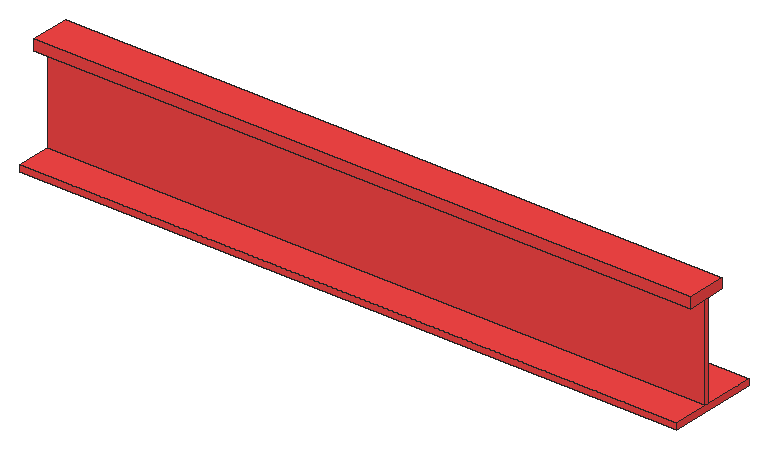
Revit family "GSY-E40", category Structural Framing, Revit 2018
Family settings
  Section Shape = Not Defined
  Material for Model Behavior = Other
  Always export as geometry = No
  OmniClass Number = 23.25.30.11.14.14
  OmniClass Title = Beams
  Always vertical = Yes
  Cut with Voids When Loaded = No
  Symbolic Representation = From Family
  Shared = No
  Show family pre-cut in plan views = Yes
Parameters (values of type "GSY-E40/15-34")
  t2 = 25 mm
  t1 = 40 mm
  hw = 360 mm
  d = 15 mm
  b2 = 340 mm
  b1 = 150 mm
  Structural Material [instance] = bips-Steel
  Manufacturer = "Give Steel A/S"
  Length [instance] = 3000 mm
Types (6, lengths in mm): name | b2 | b1 | Length
  (no name) | 340 | 150 | 3000
  GSY-E40/15-34 | 340 | 150 | 3000
  GSY-E40/18-37 | 370 | 180 | 3000
  GSY-E40/22-41 | 410 | 220 | 3000
  GSY-E40/27-46 | 460 | 270 | 3000
  GSY-E40/30-49 | 490 | 300 | 4000
Reference planes
  plane 1 "Center (Front/Back)": y = 0
  plane 2 "Center Elevation": z = 0
  plane 3 "Center (Left/Right)": x = 0
  plane 4 "Left": x = -1500
  plane 5 "Member Left": x = -1250
  plane 6 "Stick Symbol Left": x = -1000
  plane 7 "Right": x = 1500
  plane 8 "Member Right": x = 1250
  plane 9 "Stick Symbol Right": x = 1000
  plane 10: y = 75
  plane 11: y = -75
  plane 12: y = 200
  plane 13: y = -140
  plane 14: z = 232.5
  plane 15: z = 192.5
  plane 16: z = -192.5
  plane 17: z = -167.5
  plane 18: y = -7.5
  plane 19: y = 7.5
Forms (mm)
  Extrusion 1, solid, material "bips-Steel" <- "Structural Material"
    sketch origin (0, 0, 0) x (0, 1, 0) y (0, 0, 1)
      loop
        line (75, 232.5) -> (-75, 232.5) -> (-75, 192.5) -> (75, 192.5) -> (75, 232.5)
    from -1250 to 1250
  Extrusion 2, solid, material "bips-Steel" <- "Structural Material"
    sketch origin (0, 0, -90) x (0, 1, 0) y (0, 0, 1)
      loop
        line (7.5, 282.5) -> (-7.5, 282.5) -> (-7.5, -77.5) -> (7.5, -77.5) -> (7.5, 282.5)
    from -1250 to 1250
  Extrusion 3, solid, material "bips-Steel" <- "Structural Material"
    sketch origin (0, 0, -345) x (0, 1, 0) y (0, 0, 1)
      loop
        line (200, 177.5) -> (-140, 177.5) -> (-140, 152.5) -> (200, 152.5) -> (200, 177.5)
    from -1250 to 1250
Lines and regions (mm)
  model lines, style "Stick Symbols", detail levels coarse
    curve 1: line (-1000, 0, 0) -> (1000, 0, 0)
Dimensions and locks
  equal spacing: plane 4 "Left", plane 3 "Center (Left/Right)", plane 7 "Right"
  "Length": plane 4 "Left" to plane 7 "Right"
  equal spacing: plane 10, plane 1 "Center (Front/Back)", plane 11
  "b1": plane 10 to plane 11
  "b2": plane 12 to plane 13
  "t1": plane 14 to plane 15
  "t2": plane 17 to plane 16
  equal spacing: plane 15, plane 2 "Center Elevation", plane 16
  equal spacing: plane 19, plane 1 "Center (Front/Back)", plane 18
  "d": plane 19 to plane 18
  "hw": plane 15 to plane 17
  locked: plane 13 to plane 11 at 65
  equal spacing: plane 11, plane 1 "Center (Front/Back)", plane 10
  equal spacing: plane 18, plane 1 "Center (Front/Back)", plane 19
  aligned and locked: plane 5 "Member Left" to Extrusion 1
  aligned and locked: Extrusion 1 to plane 8 "Member Right"
  aligned and locked: plane 1 "Center (Front/Back)" to curve 1
  aligned and locked: plane 6 "Stick Symbol Left" to curve 1
  aligned and locked: plane 9 "Stick Symbol Right" to curve 1
  aligned and locked: level to plane 2 "Center Elevation"
  aligned and locked: Extrusion 1 sketch curve to plane 14
  aligned and locked: plane 10 to Extrusion 1 sketch curve
  aligned and locked: Extrusion 1 sketch curve to plane 11
  aligned and locked: Extrusion 2 sketch curve to plane 18
  aligned and locked: Extrusion 2 sketch curve to plane 19
  aligned and locked: Extrusion 2 sketch curve to plane 17
  aligned and locked: Extrusion 3 sketch curve to plane 16
  aligned and locked: Extrusion 3 sketch curve to plane 17
  aligned and locked: Extrusion 3 sketch curve to plane 13
  aligned and locked: plane 12 to Extrusion 3 sketch curve
  aligned and locked: Extrusion 2 sketch curve to plane 15
  aligned and locked: plane 5 "Member Left" to Extrusion 3
  aligned and locked: Extrusion 3 to plane 8 "Member Right"
  aligned and locked: Extrusion 2 to plane 8 "Member Right"
  aligned and locked: plane 5 "Member Left" to Extrusion 2
Automatic sketch dimensions
  Extrusion 1 sketch curve to plane 15 = 0 mm
